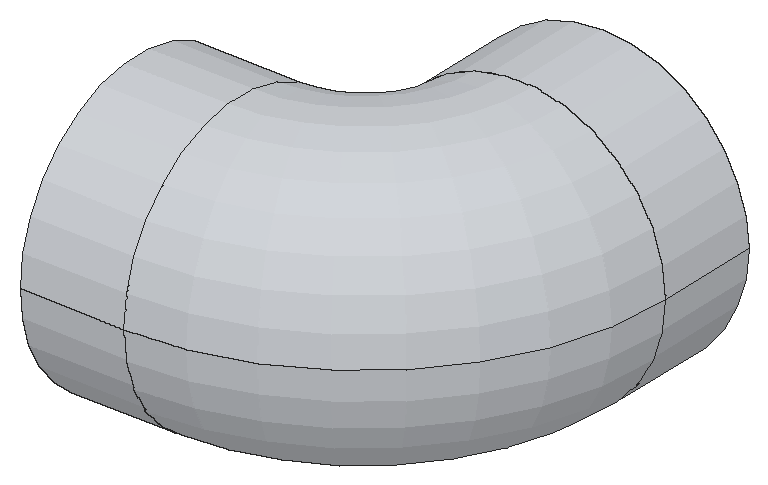
Revit family "Cotovelo - Rosqueado - CU", category Conexões de tubo, Revit 2019
Family settings
  Cota do conector redondo = Usar raio
  Tipo de parte = Cotovelo
  Com base no plano de trabalho = Não
  Sempre na vertical = Sim
  Corte com vazios quando carregada = Não
  Compartilhado = Não
Parameters (values of type "Padrão")
  Tamanho da marca de revisão [instance] = Diâmetro externo da conexão * 0.4  # 10.8 mm
  Nome da tabela de pesquisa = "BR_Elbow - Threaded - CU"
  Raio externo da conexão [instance] = Diâmetro externo da conexão / 2  # 13.5 mm
  Diâmetro externo da conexão [instance] = size_lookup(Nome da tabela de pesquisa, "FOD", 1.12 * Diâmetro nominal + 10.5 mm, Diâmetro nominal)  # 27 mm
  Comprimento 1 [instance] = Raio externo da conexão * tan(Ângulo / 2) + Comprimento 2 + 0.8 mm  # 23.9 mm
  Raio nominal [instance] = 7.5 mm
  Diâmetro nominal [instance] = Raio nominal * 2  # 15 mm
  Método de perda = Coeficiente K da tabela
  Tabela de coeficiente K = "Cotovelo rosqueado comum de 45, 90 e 180"
  Centro para a face não encontrado [instance] = if(Ângulo 1 > 45.00°, 0.98 * Diâmetro nominal + 14.9 mm, 0.54 * Diâmetro nominal + 19.2 mm)  # 29.6 mm
  Legenda do centro para a face [instance] = if(Centro para a face > Raio externo da conexão * tan(Ângulo / 2) + Comprimento 2, Centro para a face, Comprimento 1)  # 24 mm
  Centro para a face [instance] = size_lookup(Nome da tabela de pesquisa, "CtF", Centro para a face não encontrado, Diâmetro nominal)  # 24 mm
  Raio Central [instance] = (Legenda do centro para a face - Comprimento 2) / tan(Ângulo / 2)  # 14.4 mm
  Comprimento 2 [instance] = Centro para a face * 0.4  # 9.6 mm
  Assembly Code = ""
  Ângulo 1 [instance] = if(Ângulo > 45.00°, 90.00°, 45.00°)  # 90.00°
  Ângulo [instance] = 90.00°
Reference planes
  plane 1 "Centro (Frente/Trás)": y = 0
  plane 2: z = 0
  plane 3 "Centro (Esquerda/Direita)": x = 0
  plane 4: x = -24
  plane 5: x = -14.4
  plane 6: y = 14.4
Forms (mm)
  Sweep 1, solid, detail levels fine
    path in 3D
      loop
        line (-24, 0, 0) -> (-14.4, 0, 0)
        arc (-14.4, 0, 0) -> (-4.218, 4.218, 0) -> (0, 14.4, 0) r 14.4
        line (0, 14.4, 0) -> (0, 24, 0)
    profile origin (-19.2, 0, 0) x (0, 1, 0) y (0, 0, 1)
      loop
        circle (0, 0) r 13.5
Lines and regions (mm)
  model lines, detail levels coarse+medium
    curve 1: arc (-14.4, 0, 0) -> (-4.218, 4.218, 0) -> (0, 14.4, 0) r 14.4
    curve 2: line (-24, 0, 0) -> (-14.4, 0, 0)
    curve 3: line (0, 14.4, 0) -> (0, 24, 0)
    curve 7: line (-24, 0, 0) -> (-24, 10.8, 0)
    curve 8: line (-24, 0, 0) -> (-24, -10.8, 0)
    curve 9: line (0, 24, 0) -> (10.8, 24, 0)
    curve 10: line (0, 24, 0) -> (-10.8, 24, 0)
  sketch lines
    curve 4: line (-24, 0, 0) -> (-14.4, 0, 0)
    curve 5: arc (-14.4, 0, 0) -> (-4.218, 4.218, 0) -> (0, 14.4, 0) r 14.4
    curve 6: line (0, 14.4, 0) -> (0, 24, 0)
Dimensions and locks
  "Legenda do centro para a face": plane 4 to plane 3 "Centro (Esquerda/Direita)"
  "Comprimento 2": plane 4 to plane 5
  "Raio Central": plane 6 to plane 1 "Centro (Frente/Trás)"
  "Comprimento 2": curve 3 to curve 3
  "Tamanho da marca de revisão": curve 7 to curve 7
  "Tamanho da marca de revisão": curve 8 to curve 8
  "Tamanho da marca de revisão": curve 9 to curve 9
  "Tamanho da marca de revisão": curve 10 to curve 10
  "Raio Central": radius of curve 1
  "Raio externo da conexão": radius of Sweep 1 sketch curve
  "Ângulo": angle curve 1 to curve 1
  "Ângulo": angle plane 1 "Centro (Frente/Trás)" to curve 3
  locked: curve 3 to curve 9 (angle 90.00°)
  locked: curve 10 to curve 3 (angle 90.00°)
  aligned and locked: plane 6 to curve 1
  aligned and locked: plane 5 to curve 1
  aligned and locked: plane 5 to curve 2
  aligned and locked: plane 1 "Centro (Frente/Trás)" to curve 7
  aligned and locked: curve 8 to plane 4
Automatic sketch dimensions
  Sweep 1 sketch curve to profile plane = 0 mm  (x2)
Connectors
  piping at (-24, 0, 0), diameter 15, driven by "Raio nominal", driven by "Ângulo"
    settings: on Sweep 1, index 1, connector inside diameter 15 mm, connector length 0 mm, flow factor 0, pipe flow 0.0 L/s, pressure drop 0.0 Pa, fitting loss kfactor 0, connector angle 90.00°, fixture units 0, engagement length 0 mm, angle of deflection 0.00°, flow configuration 0, flow direction 0, fitting loss method 0, system type 28, joint type 0, gender type 0, connector reference index 2, connector utility 0, adjustable connector no, is connector primary yes, connector description ""
  piping at (0, 24, 0), diameter 15, driven by "Raio nominal", driven by "Ângulo"
    settings: on Sweep 1, index 2, connector inside diameter 15 mm, connector length 0 mm, flow factor 0, pipe flow 0.0 L/s, pressure drop 0.0 Pa, fitting loss kfactor 0, connector angle 90.00°, fixture units 0, engagement length 0 mm, angle of deflection 0.00°, flow configuration 0, flow direction 0, fitting loss method 0, system type 28, joint type 0, gender type 0, connector reference index 1, connector utility 0, adjustable connector no, is connector primary no, connector description ""
